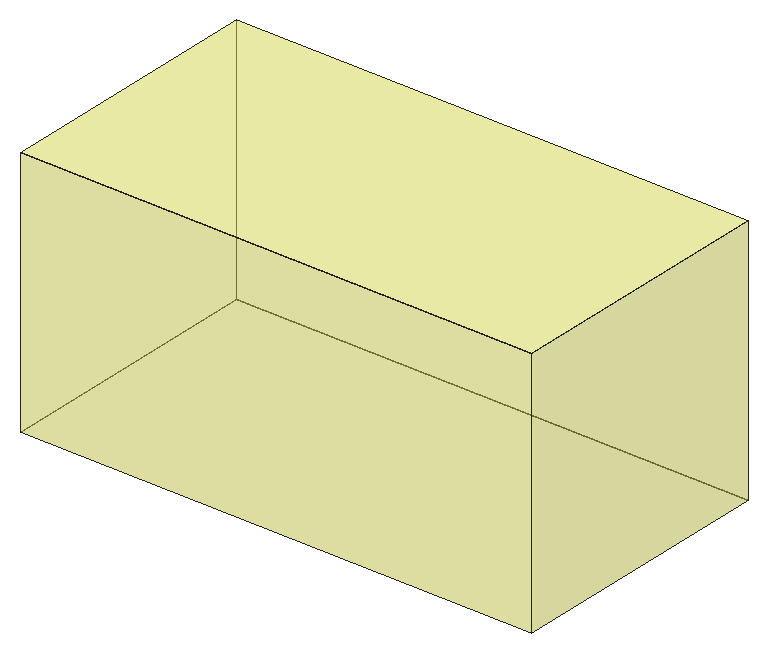
Revit family "ALG_Wartungsraum", category Generic Models, Revit 2015
Parameters
  ALG_Wartungsraum_Tiefe [instance] = 1041.001 mm
  ALG_Wartungsraum_Sichtbar [instance] = yes
  ALG_Wartungsraum_Material [instance] = ALG_Wartungsraum
  ALG_Wartungsraum_Höhe [instance] = 963.511 mm
  ALG_Wartungsraum_Breite [instance] = 1963.523 mm
Reference planes
  plane 1 "Mitte (Vorne/Hinten)": y = 0
  plane 2: z = 0
  plane 3 "Mitte (Links/Rechts)": x = 0
Forms (mm)
  Extrusion 1, solid, material "ALG_Wartungsraum" <- "ALG_Wartungsraum_Material", visible <- "ALG_Wartungsraum_Sichtbar"
    sketch origin (0, 0, 0) x (1, 0, 0) y (0, 1, 0)
      loop
        line (-981.762, 0) -> (-981.762, -1041.001) -> (981.762, -1041.001) -> (981.762, 0) -> (-981.762, 0)
    from -481.755 to 481.755
Lines and regions (mm)
  reference lines
    curve 1: line (-981.762, 390.703, 0) -> (-981.762, -1509.297, 0)
    curve 2: line (981.762, 479.857, 0) -> (981.762, -1509.297, 0)
    curve 3: line (-1089.752, -1041.001, 0) -> (1110.248, -1041.001, 0)
    curve 4: line (-1365.995, 0, 481.755) -> (1234.005, 0, 481.755)
    curve 5: line (-1256.599, 0, -481.755) -> (1234.005, 0, -481.755)
Dimensions and locks
  equal spacing: curve 1, plane 3 "Mitte (Links/Rechts)", curve 2
  "ALG_Wartungsraum_Tiefe": curve 3 to plane 1 "Mitte (Vorne/Hinten)"
  "ALG_Wartungsraum_Breite": curve 1 to curve 2
  equal spacing: curve 4, plane 2, curve 5
  "ALG_Wartungsraum_Höhe": curve 4 to curve 5
  aligned and locked: level to plane 2
  aligned and locked: Extrusion 1 to plane 1 "Mitte (Vorne/Hinten)"
  aligned and locked: curve 1 to Extrusion 1
  aligned and locked: Extrusion 1 to curve 2
  aligned and locked: curve 3 to Extrusion 1
  aligned and locked: Extrusion 1 to curve 4
  aligned and locked: curve 5 to Extrusion 1
Automatic sketch dimensions
  plane 1 "Mitte (Vorne/Hinten)" to Extrusion 1 sketch curve = 0 mm
  Extrusion 1 sketch curve to plane 3 "Mitte (Links/Rechts)" = 981.762 mm
  plane 3 "Mitte (Links/Rechts)" to Extrusion 1 sketch curve = 981.762 mm
  plane 1 "Mitte (Vorne/Hinten)" to Extrusion 1 sketch curve = 1041.001 mm
  curve 3 to curve 1 = 107.991 mm
  curve 2 to curve 3 = 128.486 mm
  curve 2 to curve 3 = 468.296 mm
  curve 1 to curve 3 = 468.296 mm
  curve 1 to plane 1 "Mitte (Vorne/Hinten)" = 390.703 mm
  curve 2 to plane 1 "Mitte (Vorne/Hinten)" = 479.857 mm
  curve 4 to plane 3 "Mitte (Links/Rechts)" = 1365.995 mm
  curve 4 to curve 5 = 109.396 mm
  plane 3 "Mitte (Links/Rechts)" to curve 5 = 1234.005 mm
  curve 4 to curve 5 = 0 mm
